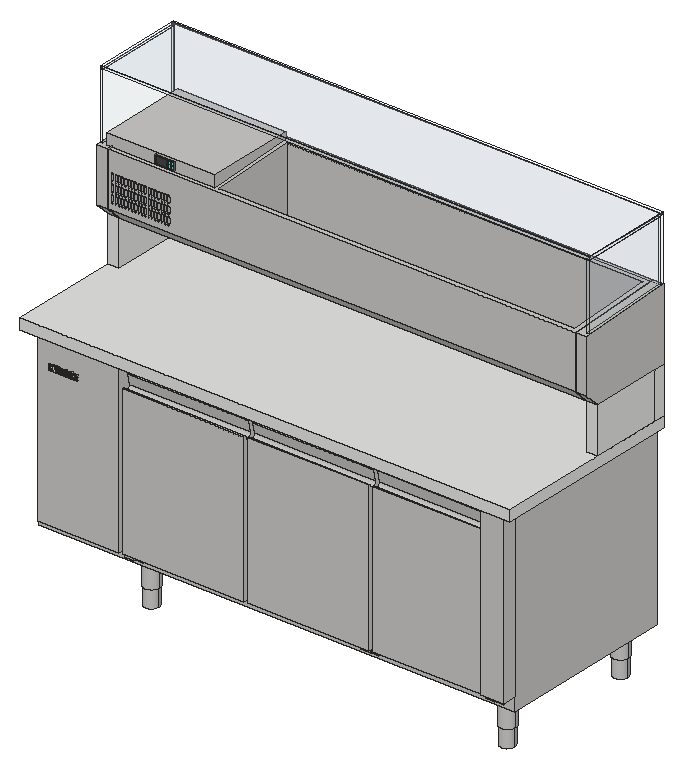
Revit family "QF_ELECTROLUXPROFESSIONAL_725190_RCSH3D", category Specialty Equipment, Revit 2023 (continued)
Definition of nested family "ELX_REF_PZ"
  Lines and regions (mm)
    Split face 30
      outline origin (330, -176, 50) x (1, 0, 0) y (0, 1, 0)
        loop
          arc (-328.464, 215.824) -> (-332.464, 211.824) -> (-328.464, 207.824) r 4
          line (-328.464, 207.824) -> (-286.464, 207.824)
          arc (-286.464, 207.824) -> (-282.464, 211.824) -> (-286.464, 215.824) r 4
          line (-286.464, 215.824) -> (-328.464, 215.824)
    Split face 31
      outline origin (110, -176, 50) x (1, 0, 0) y (0, 1, 0)
        loop
          arc (-218.464, 215.824) -> (-222.464, 211.824) -> (-218.464, 207.824) r 4
          line (-218.464, 207.824) -> (-176.464, 207.824)
          arc (-176.464, 207.824) -> (-172.464, 211.824) -> (-176.464, 215.824) r 4
          line (-176.464, 215.824) -> (-218.464, 215.824)
    Split face 32
      outline origin (220, -176, 50) x (1, 0, 0) y (0, 1, 0)
        loop
          arc (-273.464, 215.824) -> (-277.464, 211.824) -> (-273.464, 207.824) r 4
          line (-273.464, 207.824) -> (-231.464, 207.824)
          arc (-231.464, 207.824) -> (-227.464, 211.824) -> (-231.464, 215.824) r 4
          line (-231.464, 215.824) -> (-273.464, 215.824)
    Split face 33
      outline origin (0, -200, 50) x (1, 0, 0) y (0, 1, 0)
        loop
          arc (-163.464, 227.824) -> (-167.464, 223.824) -> (-163.464, 219.824) r 4
          line (-163.464, 219.824) -> (-121.464, 219.824)
          arc (-121.464, 219.824) -> (-117.464, 223.824) -> (-121.464, 227.824) r 4
          line (-121.464, 227.824) -> (-163.464, 227.824)
    Split face 34
      outline origin (330, -200, 50) x (1, 0, 0) y (0, 1, 0)
        loop
          arc (-328.464, 227.824) -> (-332.464, 223.824) -> (-328.464, 219.824) r 4
          line (-328.464, 219.824) -> (-286.464, 219.824)
          arc (-286.464, 219.824) -> (-282.464, 223.824) -> (-286.464, 227.824) r 4
          line (-286.464, 227.824) -> (-328.464, 227.824)
    Split face 35
      outline origin (110, -200, 50) x (1, 0, 0) y (0, 1, 0)
        loop
          arc (-218.464, 227.824) -> (-222.464, 223.824) -> (-218.464, 219.824) r 4
          line (-218.464, 219.824) -> (-176.464, 219.824)
          arc (-176.464, 219.824) -> (-172.464, 223.824) -> (-176.464, 227.824) r 4
          line (-176.464, 227.824) -> (-218.464, 227.824)
    Split face 36
      outline origin (220, -200, 50) x (1, 0, 0) y (0, 1, 0)
        loop
          arc (-273.464, 227.824) -> (-277.464, 223.824) -> (-273.464, 219.824) r 4
          line (-273.464, 219.824) -> (-231.464, 219.824)
          arc (-231.464, 219.824) -> (-227.464, 223.824) -> (-231.464, 227.824) r 4
          line (-231.464, 227.824) -> (-273.464, 227.824)
    Split face 37
      outline origin (0, -224, 50) x (1, 0, 0) y (0, 1, 0)
        loop
          arc (-163.464, 239.824) -> (-167.464, 235.824) -> (-163.464, 231.824) r 4
          line (-163.464, 231.824) -> (-121.464, 231.824)
          arc (-121.464, 231.824) -> (-117.464, 235.824) -> (-121.464, 239.824) r 4
          line (-121.464, 239.824) -> (-163.464, 239.824)
    Split face 38
      outline origin (330, -224, 50) x (1, 0, 0) y (0, 1, 0)
        loop
          arc (-328.464, 239.824) -> (-332.464, 235.824) -> (-328.464, 231.824) r 4
          line (-328.464, 231.824) -> (-286.464, 231.824)
          arc (-286.464, 231.824) -> (-282.464, 235.824) -> (-286.464, 239.824) r 4
          line (-286.464, 239.824) -> (-328.464, 239.824)
    Split face 39
      outline origin (110, -224, 50) x (1, 0, 0) y (0, 1, 0)
        loop
          arc (-218.464, 239.824) -> (-222.464, 235.824) -> (-218.464, 231.824) r 4
          line (-218.464, 231.824) -> (-176.464, 231.824)
          arc (-176.464, 231.824) -> (-172.464, 235.824) -> (-176.464, 239.824) r 4
          line (-176.464, 239.824) -> (-218.464, 239.824)
    Split face 40
      outline origin (220, -224, 50) x (1, 0, 0) y (0, 1, 0)
        loop
          arc (-273.464, 239.824) -> (-277.464, 235.824) -> (-273.464, 231.824) r 4
          line (-273.464, 231.824) -> (-231.464, 231.824)
          arc (-231.464, 231.824) -> (-227.464, 235.824) -> (-231.464, 239.824) r 4
          line (-231.464, 239.824) -> (-273.464, 239.824)
    Split face 41
      outline origin (0, -248, 50) x (1, 0, 0) y (0, 1, 0)
        loop
          arc (-163.464, 251.824) -> (-167.464, 247.824) -> (-163.464, 243.824) r 4
          line (-163.464, 243.824) -> (-121.464, 243.824)
          arc (-121.464, 243.824) -> (-117.464, 247.824) -> (-121.464, 251.824) r 4
          line (-121.464, 251.824) -> (-163.464, 251.824)
    Split face 42
      outline origin (330, -248, 50) x (1, 0, 0) y (0, 1, 0)
        loop
          arc (-328.464, 251.824) -> (-332.464, 247.824) -> (-328.464, 243.824) r 4
          line (-328.464, 243.824) -> (-286.464, 243.824)
          arc (-286.464, 243.824) -> (-282.464, 247.824) -> (-286.464, 251.824) r 4
          line (-286.464, 251.824) -> (-328.464, 251.824)
    Split face 43
      outline origin (110, -248, 50) x (1, 0, 0) y (0, 1, 0)
        loop
          arc (-218.464, 251.824) -> (-222.464, 247.824) -> (-218.464, 243.824) r 4
          line (-218.464, 243.824) -> (-176.464, 243.824)
          arc (-176.464, 243.824) -> (-172.464, 247.824) -> (-176.464, 251.824) r 4
          line (-176.464, 251.824) -> (-218.464, 251.824)
    Split face 44
      outline origin (220, -248, 50) x (1, 0, 0) y (0, 1, 0)
        loop
          arc (-273.464, 251.824) -> (-277.464, 247.824) -> (-273.464, 243.824) r 4
          line (-273.464, 243.824) -> (-231.464, 243.824)
          arc (-231.464, 243.824) -> (-227.464, 247.824) -> (-231.464, 251.824) r 4
          line (-231.464, 251.824) -> (-273.464, 251.824)
    Split face 45
      outline origin (0, -272, 50) x (1, 0, 0) y (0, 1, 0)
        loop
          arc (-163.464, 263.824) -> (-167.464, 259.824) -> (-163.464, 255.824) r 4
          line (-163.464, 255.824) -> (-121.464, 255.824)
          arc (-121.464, 255.824) -> (-117.464, 259.824) -> (-121.464, 263.824) r 4
          line (-121.464, 263.824) -> (-163.464, 263.824)
    Split face 46
      outline origin (330, -272, 50) x (1, 0, 0) y (0, 1, 0)
        loop
          arc (-328.464, 263.824) -> (-332.464, 259.824) -> (-328.464, 255.824) r 4
          line (-328.464, 255.824) -> (-286.464, 255.824)
          arc (-286.464, 255.824) -> (-282.464, 259.824) -> (-286.464, 263.824) r 4
          line (-286.464, 263.824) -> (-328.464, 263.824)
    Split face 47
      outline origin (110, -272, 50) x (1, 0, 0) y (0, 1, 0)
        loop
          arc (-218.464, 263.824) -> (-222.464, 259.824) -> (-218.464, 255.824) r 4
          line (-218.464, 255.824) -> (-176.464, 255.824)
          arc (-176.464, 255.824) -> (-172.464, 259.824) -> (-176.464, 263.824) r 4
          line (-176.464, 263.824) -> (-218.464, 263.824)
    Split face 48
      outline origin (220, -272, 50) x (1, 0, 0) y (0, 1, 0)
        loop
          arc (-273.464, 263.824) -> (-277.464, 259.824) -> (-273.464, 255.824) r 4
          line (-273.464, 255.824) -> (-231.464, 255.824)
          arc (-231.464, 255.824) -> (-227.464, 259.824) -> (-231.464, 263.824) r 4
          line (-231.464, 263.824) -> (-273.464, 263.824)
    Split face 49
      outline origin (0, -296, 50) x (1, 0, 0) y (0, 1, 0)
        loop
          arc (-163.464, 275.824) -> (-167.464, 271.824) -> (-163.464, 267.824) r 4
          line (-163.464, 267.824) -> (-121.464, 267.824)
          arc (-121.464, 267.824) -> (-117.464, 271.824) -> (-121.464, 275.824) r 4
          line (-121.464, 275.824) -> (-163.464, 275.824)
    Split face 50
      outline origin (330, -296, 50) x (1, 0, 0) y (0, 1, 0)
        loop
          arc (-328.464, 275.824) -> (-332.464, 271.824) -> (-328.464, 267.824) r 4
          line (-328.464, 267.824) -> (-286.464, 267.824)
          arc (-286.464, 267.824) -> (-282.464, 271.824) -> (-286.464, 275.824) r 4
          line (-286.464, 275.824) -> (-328.464, 275.824)
    Split face 51
      outline origin (110, -296, 50) x (1, 0, 0) y (0, 1, 0)
        loop
          arc (-218.464, 275.824) -> (-222.464, 271.824) -> (-218.464, 267.824) r 4
          line (-218.464, 267.824) -> (-176.464, 267.824)
          arc (-176.464, 267.824) -> (-172.464, 271.824) -> (-176.464, 275.824) r 4
          line (-176.464, 275.824) -> (-218.464, 275.824)
    Split face 52
      outline origin (220, -296, 50) x (1, 0, 0) y (0, 1, 0)
        loop
          arc (-273.464, 275.824) -> (-277.464, 271.824) -> (-273.464, 267.824) r 4
          line (-273.464, 267.824) -> (-231.464, 267.824)
          arc (-231.464, 267.824) -> (-227.464, 271.824) -> (-231.464, 275.824) r 4
          line (-231.464, 275.824) -> (-273.464, 275.824)
    Split face 53
      outline origin (0, -663.3, 50) x (1, 0, 0) y (0, 1, 0)
        loop
          arc (-163.464, 513.474) -> (-167.464, 509.474) -> (-163.464, 505.474) r 4
          line (-163.464, 505.474) -> (-121.464, 505.474)
          arc (-121.464, 505.474) -> (-117.464, 509.474) -> (-121.464, 513.474) r 4
          line (-121.464, 513.474) -> (-163.464, 513.474)
    Split face 54
      outline origin (330, -663.3, 50) x (1, 0, 0) y (0, 1, 0)
        loop
          arc (-328.464, 513.474) -> (-332.464, 509.474) -> (-328.464, 505.474) r 4
          line (-328.464, 505.474) -> (-286.464, 505.474)
          arc (-286.464, 505.474) -> (-282.464, 509.474) -> (-286.464, 513.474) r 4
          line (-286.464, 513.474) -> (-328.464, 513.474)
    Split face 55
      outline origin (110, -663.3, 50) x (1, 0, 0) y (0, 1, 0)
        loop
          arc (-218.464, 513.474) -> (-222.464, 509.474) -> (-218.464, 505.474) r 4
          line (-218.464, 505.474) -> (-176.464, 505.474)
          arc (-176.464, 505.474) -> (-172.464, 509.474) -> (-176.464, 513.474) r 4
          line (-176.464, 513.474) -> (-218.464, 513.474)
    Split face 56
      outline origin (220, -663.3, 50) x (1, 0, 0) y (0, 1, 0)
        loop
          arc (-273.464, 513.474) -> (-277.464, 509.474) -> (-273.464, 505.474) r 4
          line (-273.464, 505.474) -> (-231.464, 505.474)
          arc (-231.464, 505.474) -> (-227.464, 509.474) -> (-231.464, 513.474) r 4
          line (-231.464, 513.474) -> (-273.464, 513.474)
    Split face 57
      outline origin (0, -687.3, 50) x (1, 0, 0) y (0, 1, 0)
        loop
          arc (-163.464, 525.474) -> (-167.464, 521.474) -> (-163.464, 517.474) r 4
          line (-163.464, 517.474) -> (-121.464, 517.474)
          arc (-121.464, 517.474) -> (-117.464, 521.474) -> (-121.464, 525.474) r 4
          line (-121.464, 525.474) -> (-163.464, 525.474)
    Split face 58
      outline origin (330, -687.3, 50) x (1, 0, 0) y (0, 1, 0)
        loop
          arc (-328.464, 525.474) -> (-332.464, 521.474) -> (-328.464, 517.474) r 4
          line (-328.464, 517.474) -> (-286.464, 517.474)
          arc (-286.464, 517.474) -> (-282.464, 521.474) -> (-286.464, 525.474) r 4
          line (-286.464, 525.474) -> (-328.464, 525.474)
    Split face 59
      outline origin (110, -687.3, 50) x (1, 0, 0) y (0, 1, 0)
        loop
          arc (-218.464, 525.474) -> (-222.464, 521.474) -> (-218.464, 517.474) r 4
          line (-218.464, 517.474) -> (-176.464, 517.474)
          arc (-176.464, 517.474) -> (-172.464, 521.474) -> (-176.464, 525.474) r 4
          line (-176.464, 525.474) -> (-218.464, 525.474)
    Split face 60
      outline origin (220, -687.3, 50) x (1, 0, 0) y (0, 1, 0)
        loop
          arc (-273.464, 525.474) -> (-277.464, 521.474) -> (-273.464, 517.474) r 4
          line (-273.464, 517.474) -> (-231.464, 517.474)
          arc (-231.464, 517.474) -> (-227.464, 521.474) -> (-231.464, 525.474) r 4
          line (-231.464, 525.474) -> (-273.464, 525.474)
    Split face 61
      outline origin (0, -711.3, 50) x (1, 0, 0) y (0, 1, 0)
        loop
          arc (-163.464, 537.474) -> (-167.464, 533.474) -> (-163.464, 529.474) r 4
          line (-163.464, 529.474) -> (-121.464, 529.474)
          arc (-121.464, 529.474) -> (-117.464, 533.474) -> (-121.464, 537.474) r 4
          line (-121.464, 537.474) -> (-163.464, 537.474)
    Split face 62
      outline origin (330, -711.3, 50) x (1, 0, 0) y (0, 1, 0)
        loop
          arc (-328.464, 537.474) -> (-332.464, 533.474) -> (-328.464, 529.474) r 4
          line (-328.464, 529.474) -> (-286.464, 529.474)
          arc (-286.464, 529.474) -> (-282.464, 533.474) -> (-286.464, 537.474) r 4
          line (-286.464, 537.474) -> (-328.464, 537.474)
    Split face 63
      outline origin (110, -711.3, 50) x (1, 0, 0) y (0, 1, 0)
        loop
          arc (-218.464, 537.474) -> (-222.464, 533.474) -> (-218.464, 529.474) r 4
          line (-218.464, 529.474) -> (-176.464, 529.474)
          arc (-176.464, 529.474) -> (-172.464, 533.474) -> (-176.464, 537.474) r 4
          line (-176.464, 537.474) -> (-218.464, 537.474)
    Split face 64
      outline origin (220, -711.3, 50) x (1, 0, 0) y (0, 1, 0)
        loop
          arc (-273.464, 537.474) -> (-277.464, 533.474) -> (-273.464, 529.474) r 4
          line (-273.464, 529.474) -> (-231.464, 529.474)
          arc (-231.464, 529.474) -> (-227.464, 533.474) -> (-231.464, 537.474) r 4
          line (-231.464, 537.474) -> (-273.464, 537.474)
    Split face 65
      outline origin (0, -735.3, 50) x (1, 0, 0) y (0, 1, 0)
        loop
          arc (-163.464, 549.474) -> (-167.464, 545.474) -> (-163.464, 541.474) r 4
          line (-163.464, 541.474) -> (-121.464, 541.474)
          arc (-121.464, 541.474) -> (-117.464, 545.474) -> (-121.464, 549.474) r 4
          line (-121.464, 549.474) -> (-163.464, 549.474)
    Split face 66
      outline origin (330, -735.3, 50) x (1, 0, 0) y (0, 1, 0)
        loop
          arc (-328.464, 549.474) -> (-332.464, 545.474) -> (-328.464, 541.474) r 4
          line (-328.464, 541.474) -> (-286.464, 541.474)
          arc (-286.464, 541.474) -> (-282.464, 545.474) -> (-286.464, 549.474) r 4
          line (-286.464, 549.474) -> (-328.464, 549.474)
    Split face 67
      outline origin (110, -735.3, 50) x (1, 0, 0) y (0, 1, 0)
        loop
          arc (-218.464, 549.474) -> (-222.464, 545.474) -> (-218.464, 541.474) r 4
          line (-218.464, 541.474) -> (-176.464, 541.474)
          arc (-176.464, 541.474) -> (-172.464, 545.474) -> (-176.464, 549.474) r 4
          line (-176.464, 549.474) -> (-218.464, 549.474)
    Split face 68
      outline origin (220, -735.3, 50) x (1, 0, 0) y (0, 1, 0)
        loop
          arc (-273.464, 549.474) -> (-277.464, 545.474) -> (-273.464, 541.474) r 4
          line (-273.464, 541.474) -> (-231.464, 541.474)
          arc (-231.464, 541.474) -> (-227.464, 545.474) -> (-231.464, 549.474) r 4
          line (-231.464, 549.474) -> (-273.464, 549.474)
    Split face 69
      outline origin (0, -759.3, 50) x (1, 0, 0) y (0, 1, 0)
        loop
          arc (-163.464, 561.474) -> (-167.464, 557.474) -> (-163.464, 553.474) r 4
          line (-163.464, 553.474) -> (-121.464, 553.474)
          arc (-121.464, 553.474) -> (-117.464, 557.474) -> (-121.464, 561.474) r 4
          line (-121.464, 561.474) -> (-163.464, 561.474)
    Split face 70
      outline origin (330, -759.3, 50) x (1, 0, 0) y (0, 1, 0)
        loop
          arc (-328.464, 561.474) -> (-332.464, 557.474) -> (-328.464, 553.474) r 4
          line (-328.464, 553.474) -> (-286.464, 553.474)
          arc (-286.464, 553.474) -> (-282.464, 557.474) -> (-286.464, 561.474) r 4
          line (-286.464, 561.474) -> (-328.464, 561.474)
    Split face 71
      outline origin (110, -759.3, 50) x (1, 0, 0) y (0, 1, 0)
        loop
          arc (-218.464, 561.474) -> (-222.464, 557.474) -> (-218.464, 553.474) r 4
          line (-218.464, 553.474) -> (-176.464, 553.474)
          arc (-176.464, 553.474) -> (-172.464, 557.474) -> (-176.464, 561.474) r 4
          line (-176.464, 561.474) -> (-218.464, 561.474)
    Split face 72
      outline origin (220, -759.3, 50) x (1, 0, 0) y (0, 1, 0)
        loop
          arc (-273.464, 561.474) -> (-277.464, 557.474) -> (-273.464, 553.474) r 4
          line (-273.464, 553.474) -> (-231.464, 553.474)
          arc (-231.464, 553.474) -> (-227.464, 557.474) -> (-231.464, 561.474) r 4
          line (-231.464, 561.474) -> (-273.464, 561.474)
    Split face 73
      outline origin (0, -783.3, 50) x (1, 0, 0) y (0, 1, 0)
        loop
          arc (-163.464, 573.474) -> (-167.464, 569.474) -> (-163.464, 565.474) r 4
          line (-163.464, 565.474) -> (-121.464, 565.474)
          arc (-121.464, 565.474) -> (-117.464, 569.474) -> (-121.464, 573.474) r 4
          line (-121.464, 573.474) -> (-163.464, 573.474)
    Split face 74
      outline origin (330, -783.3, 50) x (1, 0, 0) y (0, 1, 0)
        loop
          arc (-328.464, 573.474) -> (-332.464, 569.474) -> (-328.464, 565.474) r 4
          line (-328.464, 565.474) -> (-286.464, 565.474)
          arc (-286.464, 565.474) -> (-282.464, 569.474) -> (-286.464, 573.474) r 4
          line (-286.464, 573.474) -> (-328.464, 573.474)
    Split face 75
      outline origin (110, -783.3, 50) x (1, 0, 0) y (0, 1, 0)
        loop
          arc (-218.464, 573.474) -> (-222.464, 569.474) -> (-218.464, 565.474) r 4
          line (-218.464, 565.474) -> (-176.464, 565.474)
          arc (-176.464, 565.474) -> (-172.464, 569.474) -> (-176.464, 573.474) r 4
          line (-176.464, 573.474) -> (-218.464, 573.474)
    Split face 76
      outline origin (220, -783.3, 50) x (1, 0, 0) y (0, 1, 0)
        loop
          arc (-273.464, 573.474) -> (-277.464, 569.474) -> (-273.464, 565.474) r 4
          line (-273.464, 565.474) -> (-231.464, 565.474)
          arc (-231.464, 565.474) -> (-227.464, 569.474) -> (-231.464, 573.474) r 4
          line (-231.464, 573.474) -> (-273.464, 573.474)
    Split face 77
      outline origin (0, -807.3, 50) x (1, 0, 0) y (0, 1, 0)
        loop
          arc (-163.464, 585.474) -> (-167.464, 581.474) -> (-163.464, 577.474) r 4
          line (-163.464, 577.474) -> (-121.464, 577.474)
          arc (-121.464, 577.474) -> (-117.464, 581.474) -> (-121.464, 585.474) r 4
          line (-121.464, 585.474) -> (-163.464, 585.474)
    Split face 78
      outline origin (330, -807.3, 50) x (1, 0, 0) y (0, 1, 0)
        loop
          arc (-328.464, 585.474) -> (-332.464, 581.474) -> (-328.464, 577.474) r 4
          line (-328.464, 577.474) -> (-286.464, 577.474)
          arc (-286.464, 577.474) -> (-282.464, 581.474) -> (-286.464, 585.474) r 4
          line (-286.464, 585.474) -> (-328.464, 585.474)
    Split face 79
      outline origin (110, -807.3, 50) x (1, 0, 0) y (0, 1, 0)
        loop
          arc (-218.464, 585.474) -> (-222.464, 581.474) -> (-218.464, 577.474) r 4
          line (-218.464, 577.474) -> (-176.464, 577.474)
          arc (-176.464, 577.474) -> (-172.464, 581.474) -> (-176.464, 585.474) r 4
          line (-176.464, 585.474) -> (-218.464, 585.474)
    Split face 80
      outline origin (220, -807.3, 50) x (1, 0, 0) y (0, 1, 0)
        loop
          arc (-273.464, 585.474) -> (-277.464, 581.474) -> (-273.464, 577.474) r 4
          line (-273.464, 577.474) -> (-231.464, 577.474)
          arc (-231.464, 577.474) -> (-227.464, 581.474) -> (-231.464, 585.474) r 4
          line (-231.464, 585.474) -> (-273.464, 585.474)
    Split face 81
      outline origin (0, -831.3, 50) x (1, 0, 0) y (0, 1, 0)
        loop
          arc (-163.464, 597.474) -> (-167.464, 593.474) -> (-163.464, 589.474) r 4
          line (-163.464, 589.474) -> (-121.464, 589.474)
          arc (-121.464, 589.474) -> (-117.464, 593.474) -> (-121.464, 597.474) r 4
          line (-121.464, 597.474) -> (-163.464, 597.474)
    Split face 82
      outline origin (330, -831.3, 50) x (1, 0, 0) y (0, 1, 0)
        loop
          arc (-328.464, 597.474) -> (-332.464, 593.474) -> (-328.464, 589.474) r 4
          line (-328.464, 589.474) -> (-286.464, 589.474)
          arc (-286.464, 589.474) -> (-282.464, 593.474) -> (-286.464, 597.474) r 4
          line (-286.464, 597.474) -> (-328.464, 597.474)
    Split face 83
      outline origin (110, -831.3, 50) x (1, 0, 0) y (0, 1, 0)
        loop
          arc (-218.464, 597.474) -> (-222.464, 593.474) -> (-218.464, 589.474) r 4
          line (-218.464, 589.474) -> (-176.464, 589.474)
          arc (-176.464, 589.474) -> (-172.464, 593.474) -> (-176.464, 597.474) r 4
          line (-176.464, 597.474) -> (-218.464, 597.474)
    Split face 84
      outline origin (220, -831.3, 50) x (1, 0, 0) y (0, 1, 0)
        loop
          arc (-273.464, 597.474) -> (-277.464, 593.474) -> (-273.464, 589.474) r 4
          line (-273.464, 589.474) -> (-231.464, 589.474)
          arc (-231.464, 589.474) -> (-227.464, 593.474) -> (-231.464, 597.474) r 4
          line (-231.464, 597.474) -> (-273.464, 597.474)
    Split face 85
      outline origin (0, -855.3, 50) x (1, 0, 0) y (0, 1, 0)
        loop
          arc (-163.464, 609.474) -> (-167.464, 605.474) -> (-163.464, 601.474) r 4
          line (-163.464, 601.474) -> (-121.464, 601.474)
          arc (-121.464, 601.474) -> (-117.464, 605.474) -> (-121.464, 609.474) r 4
          line (-121.464, 609.474) -> (-163.464, 609.474)
    Split face 86
      outline origin (330, -855.3, 50) x (1, 0, 0) y (0, 1, 0)
        loop
          arc (-328.464, 609.474) -> (-332.464, 605.474) -> (-328.464, 601.474) r 4
          line (-328.464, 601.474) -> (-286.464, 601.474)
          arc (-286.464, 601.474) -> (-282.464, 605.474) -> (-286.464, 609.474) r 4
          line (-286.464, 609.474) -> (-328.464, 609.474)
    Split face 87
      outline origin (110, -855.3, 50) x (1, 0, 0) y (0, 1, 0)
        loop
          arc (-218.464, 609.474) -> (-222.464, 605.474) -> (-218.464, 601.474) r 4
          line (-218.464, 601.474) -> (-176.464, 601.474)
          arc (-176.464, 601.474) -> (-172.464, 605.474) -> (-176.464, 609.474) r 4
          line (-176.464, 609.474) -> (-218.464, 609.474)
    Split face 88
      outline origin (220, -855.3, 50) x (1, 0, 0) y (0, 1, 0)
        loop
          arc (-273.464, 609.474) -> (-277.464, 605.474) -> (-273.464, 601.474) r 4
          line (-273.464, 601.474) -> (-231.464, 601.474)
          arc (-231.464, 601.474) -> (-227.464, 605.474) -> (-231.464, 609.474) r 4
          line (-231.464, 609.474) -> (-273.464, 609.474)
    Split face 89
      outline origin (0, -879.3, 50) x (1, 0, 0) y (0, 1, 0)
        loop
          arc (-163.464, 621.474) -> (-167.464, 617.474) -> (-163.464, 613.474) r 4
          line (-163.464, 613.474) -> (-121.464, 613.474)
          arc (-121.464, 613.474) -> (-117.464, 617.474) -> (-121.464, 621.474) r 4
          line (-121.464, 621.474) -> (-163.464, 621.474)
    Split face 90
      outline origin (330, -879.3, 50) x (1, 0, 0) y (0, 1, 0)
        loop
          arc (-328.464, 621.474) -> (-332.464, 617.474) -> (-328.464, 613.474) r 4
          line (-328.464, 613.474) -> (-286.464, 613.474)
          arc (-286.464, 613.474) -> (-282.464, 617.474) -> (-286.464, 621.474) r 4
          line (-286.464, 621.474) -> (-328.464, 621.474)
    Split face 91
      outline origin (110, -879.3, 50) x (1, 0, 0) y (0, 1, 0)
        loop
          arc (-218.464, 621.474) -> (-222.464, 617.474) -> (-218.464, 613.474) r 4
          line (-218.464, 613.474) -> (-176.464, 613.474)
          arc (-176.464, 613.474) -> (-172.464, 617.474) -> (-176.464, 621.474) r 4
          line (-176.464, 621.474) -> (-218.464, 621.474)
    Split face 92
      outline origin (220, -879.3, 50) x (1, 0, 0) y (0, 1, 0)
        loop
          arc (-273.464, 621.474) -> (-277.464, 617.474) -> (-273.464, 613.474) r 4
          line (-273.464, 613.474) -> (-231.464, 613.474)
          arc (-231.464, 613.474) -> (-227.464, 617.474) -> (-231.464, 621.474) r 4
          line (-231.464, 621.474) -> (-273.464, 621.474)
    Split face 93
      outline origin (0, -903.3, 50) x (1, 0, 0) y (0, 1, 0)
        loop
          arc (-163.464, 633.474) -> (-167.464, 629.474) -> (-163.464, 625.474) r 4
          line (-163.464, 625.474) -> (-121.464, 625.474)
          arc (-121.464, 625.474) -> (-117.464, 629.474) -> (-121.464, 633.474) r 4
          line (-121.464, 633.474) -> (-163.464, 633.474)
    Split face 94
      outline origin (330, -903.3, 50) x (1, 0, 0) y (0, 1, 0)
        loop
          arc (-328.464, 633.474) -> (-332.464, 629.474) -> (-328.464, 625.474) r 4
          line (-328.464, 625.474) -> (-286.464, 625.474)
          arc (-286.464, 625.474) -> (-282.464, 629.474) -> (-286.464, 633.474) r 4
          line (-286.464, 633.474) -> (-328.464, 633.474)
    Split face 95
      outline origin (110, -903.3, 50) x (1, 0, 0) y (0, 1, 0)
        loop
          arc (-218.464, 633.474) -> (-222.464, 629.474) -> (-218.464, 625.474) r 4
          line (-218.464, 625.474) -> (-176.464, 625.474)
          arc (-176.464, 625.474) -> (-172.464, 629.474) -> (-176.464, 633.474) r 4
          line (-176.464, 633.474) -> (-218.464, 633.474)
    Split face 96
      outline origin (220, -903.3, 50) x (1, 0, 0) y (0, 1, 0)
        loop
          arc (-273.464, 633.474) -> (-277.464, 629.474) -> (-273.464, 625.474) r 4
          line (-273.464, 625.474) -> (-231.464, 625.474)
          arc (-231.464, 625.474) -> (-227.464, 629.474) -> (-231.464, 633.474) r 4
          line (-231.464, 633.474) -> (-273.464, 633.474)
    Split face 97
      outline origin (0, -927.3, 50) x (1, 0, 0) y (0, 1, 0)
        loop
          arc (-163.464, 645.474) -> (-167.464, 641.474) -> (-163.464, 637.474) r 4
          line (-163.464, 637.474) -> (-121.464, 637.474)
          arc (-121.464, 637.474) -> (-117.464, 641.474) -> (-121.464, 645.474) r 4
          line (-121.464, 645.474) -> (-163.464, 645.474)
    Split face 98
      outline origin (330, -927.3, 50) x (1, 0, 0) y (0, 1, 0)
        loop
          arc (-328.464, 645.474) -> (-332.464, 641.474) -> (-328.464, 637.474) r 4
          line (-328.464, 637.474) -> (-286.464, 637.474)
          arc (-286.464, 637.474) -> (-282.464, 641.474) -> (-286.464, 645.474) r 4
          line (-286.464, 645.474) -> (-328.464, 645.474)
    Split face 99
      outline origin (110, -927.3, 50) x (1, 0, 0) y (0, 1, 0)
        loop
          arc (-218.464, 645.474) -> (-222.464, 641.474) -> (-218.464, 637.474) r 4
          line (-218.464, 637.474) -> (-176.464, 637.474)
          arc (-176.464, 637.474) -> (-172.464, 641.474) -> (-176.464, 645.474) r 4
          line (-176.464, 645.474) -> (-218.464, 645.474)
    Split face 100
      outline origin (220, -927.3, 50) x (1, 0, 0) y (0, 1, 0)
        loop
          arc (-273.464, 645.474) -> (-277.464, 641.474) -> (-273.464, 637.474) r 4
          line (-273.464, 637.474) -> (-231.464, 637.474)
          arc (-231.464, 637.474) -> (-227.464, 641.474) -> (-231.464, 645.474) r 4
          line (-231.464, 645.474) -> (-273.464, 645.474)
    Split face 101
      outline origin (0, -951.3, 50) x (1, 0, 0) y (0, 1, 0)
        loop
          arc (-163.464, 657.474) -> (-167.464, 653.474) -> (-163.464, 649.474) r 4
          line (-163.464, 649.474) -> (-121.464, 649.474)
          arc (-121.464, 649.474) -> (-117.464, 653.474) -> (-121.464, 657.474) r 4
          line (-121.464, 657.474) -> (-163.464, 657.474)
    Split face 102
      outline origin (330, -951.3, 50) x (1, 0, 0) y (0, 1, 0)
        loop
          arc (-328.464, 657.474) -> (-332.464, 653.474) -> (-328.464, 649.474) r 4
          line (-328.464, 649.474) -> (-286.464, 649.474)
          arc (-286.464, 649.474) -> (-282.464, 653.474) -> (-286.464, 657.474) r 4
          line (-286.464, 657.474) -> (-328.464, 657.474)
    Split face 103
      outline origin (110, -951.3, 50) x (1, 0, 0) y (0, 1, 0)
        loop
          arc (-218.464, 657.474) -> (-222.464, 653.474) -> (-218.464, 649.474) r 4
          line (-218.464, 649.474) -> (-176.464, 649.474)
          arc (-176.464, 649.474) -> (-172.464, 653.474) -> (-176.464, 657.474) r 4
          line (-176.464, 657.474) -> (-218.464, 657.474)
    Split face 104
      outline origin (220, -951.3, 50) x (1, 0, 0) y (0, 1, 0)
        loop
          arc (-273.464, 657.474) -> (-277.464, 653.474) -> (-273.464, 649.474) r 4
          line (-273.464, 649.474) -> (-231.464, 649.474)
          arc (-231.464, 649.474) -> (-227.464, 653.474) -> (-231.464, 657.474) r 4
          line (-231.464, 657.474) -> (-273.464, 657.474)
    Split face 105
      outline origin (0, -975.3, 50) x (1, 0, 0) y (0, 1, 0)
        loop
          arc (-163.464, 669.474) -> (-167.464, 665.474) -> (-163.464, 661.474) r 4
          line (-163.464, 661.474) -> (-121.464, 661.474)
          arc (-121.464, 661.474) -> (-117.464, 665.474) -> (-121.464, 669.474) r 4
          line (-121.464, 669.474) -> (-163.464, 669.474)
    Split face 106
      outline origin (330, -975.3, 50) x (1, 0, 0) y (0, 1, 0)
        loop
          arc (-328.464, 669.474) -> (-332.464, 665.474) -> (-328.464, 661.474) r 4
          line (-328.464, 661.474) -> (-286.464, 661.474)
          arc (-286.464, 661.474) -> (-282.464, 665.474) -> (-286.464, 669.474) r 4
          line (-286.464, 669.474) -> (-328.464, 669.474)
    Split face 107
      outline origin (110, -975.3, 50) x (1, 0, 0) y (0, 1, 0)
        loop
          arc (-218.464, 669.474) -> (-222.464, 665.474) -> (-218.464, 661.474) r 4
          line (-218.464, 661.474) -> (-176.464, 661.474)
          arc (-176.464, 661.474) -> (-172.464, 665.474) -> (-176.464, 669.474) r 4
          line (-176.464, 669.474) -> (-218.464, 669.474)
    Split face 108
      outline origin (220, -975.3, 50) x (1, 0, 0) y (0, 1, 0)
        loop
          arc (-273.464, 669.474) -> (-277.464, 665.474) -> (-273.464, 661.474) r 4
          line (-273.464, 661.474) -> (-231.464, 661.474)
          arc (-231.464, 661.474) -> (-227.464, 665.474) -> (-231.464, 669.474) r 4
          line (-231.464, 669.474) -> (-273.464, 669.474)
    Split face 109
      outline origin (0, -999.3, 50) x (1, 0, 0) y (0, 1, 0)
        loop
          arc (-163.464, 681.474) -> (-167.464, 677.474) -> (-163.464, 673.474) r 4
          line (-163.464, 673.474) -> (-121.464, 673.474)
          arc (-121.464, 673.474) -> (-117.464, 677.474) -> (-121.464, 681.474) r 4
          line (-121.464, 681.474) -> (-163.464, 681.474)
    Split face 110
      outline origin (330, -999.3, 50) x (1, 0, 0) y (0, 1, 0)
        loop
          arc (-328.464, 681.474) -> (-332.464, 677.474) -> (-328.464, 673.474) r 4
          line (-328.464, 673.474) -> (-286.464, 673.474)
          arc (-286.464, 673.474) -> (-282.464, 677.474) -> (-286.464, 681.474) r 4
          line (-286.464, 681.474) -> (-328.464, 681.474)
    Split face 111
      outline origin (110, -999.3, 50) x (1, 0, 0) y (0, 1, 0)
        loop
          arc (-218.464, 681.474) -> (-222.464, 677.474) -> (-218.464, 673.474) r 4
          line (-218.464, 673.474) -> (-176.464, 673.474)
          arc (-176.464, 673.474) -> (-172.464, 677.474) -> (-176.464, 681.474) r 4
          line (-176.464, 681.474) -> (-218.464, 681.474)
    Split face 112
      outline origin (220, -999.3, 50) x (1, 0, 0) y (0, 1, 0)
        loop
          arc (-273.464, 681.474) -> (-277.464, 677.474) -> (-273.464, 673.474) r 4
          line (-273.464, 673.474) -> (-231.464, 673.474)
          arc (-231.464, 673.474) -> (-227.464, 677.474) -> (-231.464, 681.474) r 4
          line (-231.464, 681.474) -> (-273.464, 681.474)
    Split face 113
      outline origin (0, -1023.3, 50) x (1, 0, 0) y (0, 1, 0)
        loop
          arc (-163.464, 693.474) -> (-167.464, 689.474) -> (-163.464, 685.474) r 4
          line (-163.464, 685.474) -> (-121.464, 685.474)
          arc (-121.464, 685.474) -> (-117.464, 689.474) -> (-121.464, 693.474) r 4
          line (-121.464, 693.474) -> (-163.464, 693.474)
    Split face 114
      outline origin (330, -1023.3, 50) x (1, 0, 0) y (0, 1, 0)
        loop
          arc (-328.464, 693.474) -> (-332.464, 689.474) -> (-328.464, 685.474) r 4
          line (-328.464, 685.474) -> (-286.464, 685.474)
          arc (-286.464, 685.474) -> (-282.464, 689.474) -> (-286.464, 693.474) r 4
          line (-286.464, 693.474) -> (-328.464, 693.474)
    Split face 115
      outline origin (110, -1023.3, 50) x (1, 0, 0) y (0, 1, 0)
        loop
          arc (-218.464, 693.474) -> (-222.464, 689.474) -> (-218.464, 685.474) r 4
          line (-218.464, 685.474) -> (-176.464, 685.474)
          arc (-176.464, 685.474) -> (-172.464, 689.474) -> (-176.464, 693.474) r 4
          line (-176.464, 693.474) -> (-218.464, 693.474)
    Split face 116
      outline origin (220, -1023.3, 50) x (1, 0, 0) y (0, 1, 0)
        loop
          arc (-273.464, 693.474) -> (-277.464, 689.474) -> (-273.464, 685.474) r 4
          line (-273.464, 685.474) -> (-231.464, 685.474)
          arc (-231.464, 685.474) -> (-227.464, 689.474) -> (-231.464, 693.474) r 4
          line (-231.464, 693.474) -> (-273.464, 693.474)
    Split face 117
      outline origin (0, 0, 50) x (1, 0, 0) y (0, 1, 0)
        loop
          line (-206.92, 142) -> (87.08, 142)
    Split face 118
      outline origin (0, 0, 50) x (1, 0, 0) y (0, 1, 0)
        loop
          line (-206.92, 192) -> (-187.489, 192) -> (-174.489, 187) -> (-94.489, 187) -> (-81.489, 192) -> (87.08, 192)
    Split face 119
      outline origin (0, 0, 50) x (1, 0, 0) y (0, 1, 0)
        loop
          line (-206.92, 197) -> (87.08, 197)
    Split face 120
      outline origin (0, 0, 50) x (1, 0, 0) y (0, 1, 0)
        loop
          line (-28.8, 185.654) -> (-28.8, 156.136) -> (41.2, 156.136) -> (41.2, 185.654) -> (-28.8, 185.654)
    Split face 121
      outline origin (0, 0, 50) x (1, 0, 0) y (0, 1, 0)
        loop
          line (-25.8, 182.654) -> (-25.8, 159.136) -> (15.775, 159.136) -> (15.775, 182.654) -> (-25.8, 182.654)
    Split face 122
      outline origin (0, 0, 50) x (1, 0, 0) y (0, 1, 0)
        loop
          line (19.2, 182.654) -> (19.2, 171.654) -> (27.2, 171.654) -> (27.2, 182.654) -> (19.2, 182.654)
    Split face 123
      outline origin (0, 0, 50) x (1, 0, 0) y (0, 1, 0)
        loop
          line (30.212, 182.654) -> (30.212, 171.654) -> (38.212, 171.654) -> (38.212, 182.654) -> (30.212, 182.654)
    Split face 124
      outline origin (0, 0, 50) x (1, 0, 0) y (0, 1, 0)
        loop
          line (19.2, 170.136) -> (19.2, 159.136) -> (27.2, 159.136) -> (27.2, 170.136) -> (19.2, 170.136)
    Split face 125
      outline origin (0, 0, 50) x (1, 0, 0) y (0, 1, 0)
        loop
          line (30.212, 170.136) -> (30.212, 159.136) -> (38.212, 159.136) -> (38.212, 170.136) -> (30.212, 170.136)
    symbolic lines
      curve 1: line (87.08, -49, 0) -> (87.08, -49, 50)
  Dimensions and locks
    equal spacing: plane 6, plane 1 "Center (Front/Back)", plane 7
    equal spacing: plane 4, plane 3 "Center (Left/Right)", plane 5
    aligned and locked: plane 2 to Extrusion 1
    aligned and locked: level to Extrusion 1
  Automatic sketch dimensions
    curve 1 to plane 5 = 0 mm
    curve 1 to level = 0 mm
    curve 1 to curve 1 = 50 mm
    Extrusion 1 sketch curve to Extrusion 1 sketch curve = 2438.4 mm  (x2)
    Extrusion 2 sketch curve to plane 4 = 0 mm
    Extrusion 2 sketch curve to plane 5 = 0 mm
    Extrusion 2 sketch curve to plane 7 = 0 mm
    Extrusion 2 sketch curve to plane 6 = 0 mm
    Split face 1 sketch curve to Extrusion 2 = 43.456 mm
    Split face 1 sketch curve to Split face 1 sketch curve = 42 mm
    Split face 1 sketch curve to Extrusion 2 = 136.176 mm
    Split face 1 sketch curve to Split face 1 sketch curve = 4 mm
    Split face 2 sketch curve to Extrusion 2 = 85.544 mm
    Split face 2 sketch curve to Split face 2 sketch curve = 42 mm
    Split face 2 sketch curve to Extrusion 2 = 136.176 mm
    Split face 2 sketch curve to Split face 2 sketch curve = 4 mm
    Split face 3 sketch curve to Extrusion 2 = 98.456 mm
    Split face 3 sketch curve to Split face 3 sketch curve = 42 mm
    Split face 3 sketch curve to Extrusion 2 = 136.176 mm
    Split face 3 sketch curve to Split face 3 sketch curve = 4 mm
    Split face 4 sketch curve to Extrusion 2 = 140.544 mm
    Split face 4 sketch curve to Split face 4 sketch curve = 42 mm
    Split face 4 sketch curve to Extrusion 2 = 136.176 mm
    Split face 4 sketch curve to Split face 4 sketch curve = 4 mm
    Split face 5 sketch curve to Extrusion 2 = 43.456 mm
    Split face 5 sketch curve to Split face 5 sketch curve = 42 mm
    Split face 5 sketch curve to Extrusion 2 = 148.176 mm
    Split face 5 sketch curve to Split face 5 sketch curve = 4 mm
    Split face 6 sketch curve to Extrusion 2 = 85.544 mm
    Split face 6 sketch curve to Split face 6 sketch curve = 42 mm
    Split face 6 sketch curve to Extrusion 2 = 148.176 mm
    Split face 6 sketch curve to Split face 6 sketch curve = 4 mm
    Split face 7 sketch curve to Extrusion 2 = 98.456 mm
    Split face 7 sketch curve to Split face 7 sketch curve = 42 mm
    Split face 7 sketch curve to Extrusion 2 = 148.176 mm
    Split face 7 sketch curve to Split face 7 sketch curve = 4 mm
    Split face 8 sketch curve to Extrusion 2 = 140.544 mm
    Split face 8 sketch curve to Split face 8 sketch curve = 42 mm
    Split face 8 sketch curve to Extrusion 2 = 148.176 mm
    Split face 8 sketch curve to Split face 8 sketch curve = 4 mm
    Split face 9 sketch curve to Extrusion 2 = 43.456 mm
    Split face 9 sketch curve to Split face 9 sketch curve = 42 mm
    Split face 9 sketch curve to Extrusion 2 = 160.176 mm
    Split face 9 sketch curve to Split face 9 sketch curve = 4 mm
    Split face 10 sketch curve to Extrusion 2 = 85.544 mm
    Split face 10 sketch curve to Split face 10 sketch curve = 42 mm
    Split face 10 sketch curve to Extrusion 2 = 160.176 mm
    Split face 10 sketch curve to Split face 10 sketch curve = 4 mm
    Split face 11 sketch curve to Extrusion 2 = 98.456 mm
    Split face 11 sketch curve to Split face 11 sketch curve = 42 mm
    Split face 11 sketch curve to Extrusion 2 = 160.176 mm
    Split face 11 sketch curve to Split face 11 sketch curve = 4 mm
    Split face 12 sketch curve to Extrusion 2 = 140.544 mm
    Split face 12 sketch curve to Split face 12 sketch curve = 42 mm
    Split face 12 sketch curve to Extrusion 2 = 160.176 mm
    Split face 12 sketch curve to Split face 12 sketch curve = 4 mm
    Split face 13 sketch curve to Extrusion 2 = 43.456 mm
    Split face 13 sketch curve to Split face 13 sketch curve = 42 mm
    Split face 13 sketch curve to Extrusion 2 = 172.176 mm
    Split face 13 sketch curve to Split face 13 sketch curve = 4 mm
    Split face 14 sketch curve to Extrusion 2 = 85.544 mm
    Split face 14 sketch curve to Split face 14 sketch curve = 42 mm
    Split face 14 sketch curve to Extrusion 2 = 172.176 mm
    Split face 14 sketch curve to Split face 14 sketch curve = 4 mm
    Split face 15 sketch curve to Extrusion 2 = 98.456 mm
    Split face 15 sketch curve to Split face 15 sketch curve = 42 mm
    Split face 15 sketch curve to Extrusion 2 = 172.176 mm
    Split face 15 sketch curve to Split face 15 sketch curve = 4 mm
    Split face 16 sketch curve to Extrusion 2 = 140.544 mm
    Split face 16 sketch curve to Split face 16 sketch curve = 42 mm
    Split face 16 sketch curve to Extrusion 2 = 172.176 mm
    Split face 16 sketch curve to Split face 16 sketch curve = 4 mm
    Split face 17 sketch curve to Extrusion 2 = 43.456 mm
    Split face 17 sketch curve to Split face 17 sketch curve = 42 mm
    Split face 17 sketch curve to Extrusion 2 = 184.176 mm
    Split face 17 sketch curve to Split face 17 sketch curve = 4 mm
    Split face 18 sketch curve to Extrusion 2 = 85.544 mm
    Split face 18 sketch curve to Split face 18 sketch curve = 42 mm
    Split face 18 sketch curve to Extrusion 2 = 184.176 mm
    Split face 18 sketch curve to Split face 18 sketch curve = 4 mm
    Split face 19 sketch curve to Extrusion 2 = 98.456 mm
    Split face 19 sketch curve to Split face 19 sketch curve = 42 mm
    Split face 19 sketch curve to Extrusion 2 = 184.176 mm
    Split face 19 sketch curve to Split face 19 sketch curve = 4 mm
    Split face 20 sketch curve to Extrusion 2 = 140.544 mm
    Split face 20 sketch curve to Split face 20 sketch curve = 42 mm
    Split face 20 sketch curve to Extrusion 2 = 184.176 mm
    Split face 20 sketch curve to Split face 20 sketch curve = 4 mm
    Split face 21 sketch curve to Extrusion 2 = 43.456 mm
    Split face 21 sketch curve to Split face 21 sketch curve = 42 mm
    Split face 21 sketch curve to Extrusion 2 = 196.176 mm
    Split face 21 sketch curve to Split face 21 sketch curve = 4 mm
    Split face 22 sketch curve to Extrusion 2 = 85.544 mm
    Split face 22 sketch curve to Split face 22 sketch curve = 42 mm
    Split face 22 sketch curve to Extrusion 2 = 196.176 mm
    Split face 22 sketch curve to Split face 22 sketch curve = 4 mm
    Split face 23 sketch curve to Extrusion 2 = 98.456 mm
    Split face 23 sketch curve to Split face 23 sketch curve = 42 mm
    Split face 23 sketch curve to Extrusion 2 = 196.176 mm
    Split face 23 sketch curve to Split face 23 sketch curve = 4 mm
    Split face 24 sketch curve to Extrusion 2 = 140.544 mm
    Split face 24 sketch curve to Split face 24 sketch curve = 42 mm
    Split face 24 sketch curve to Extrusion 2 = 196.176 mm
    Split face 24 sketch curve to Split face 24 sketch curve = 4 mm
    Split face 25 sketch curve to Extrusion 2 = 43.456 mm
    Split face 25 sketch curve to Split face 25 sketch curve = 42 mm
    Split face 25 sketch curve to Extrusion 2 = 208.176 mm
    Split face 25 sketch curve to Split face 25 sketch curve = 4 mm
    Split face 26 sketch curve to Extrusion 2 = 85.544 mm
    Split face 26 sketch curve to Split face 26 sketch curve = 42 mm
    Split face 26 sketch curve to Extrusion 2 = 208.176 mm
    Split face 26 sketch curve to Split face 26 sketch curve = 4 mm
    Split face 27 sketch curve to Extrusion 2 = 98.456 mm
    Split face 27 sketch curve to Split face 27 sketch curve = 42 mm
    Split face 27 sketch curve to Extrusion 2 = 208.176 mm
    Split face 27 sketch curve to Split face 27 sketch curve = 4 mm
    Split face 28 sketch curve to Extrusion 2 = 140.544 mm
    Split face 28 sketch curve to Split face 28 sketch curve = 42 mm
    Split face 28 sketch curve to Extrusion 2 = 208.176 mm
    Split face 28 sketch curve to Split face 28 sketch curve = 4 mm
    Split face 29 sketch curve to Extrusion 2 = 43.456 mm
    Split face 29 sketch curve to Split face 29 sketch curve = 42 mm
    Split face 29 sketch curve to Extrusion 2 = 220.176 mm
    Split face 29 sketch curve to Split face 29 sketch curve = 4 mm
    Split face 30 sketch curve to Extrusion 2 = 85.544 mm
    Split face 30 sketch curve to Split face 30 sketch curve = 42 mm
    Split face 30 sketch curve to Extrusion 2 = 220.176 mm
    Split face 30 sketch curve to Split face 30 sketch curve = 4 mm
    Split face 31 sketch curve to Extrusion 2 = 98.456 mm
    Split face 31 sketch curve to Split face 31 sketch curve = 42 mm
    Split face 31 sketch curve to Extrusion 2 = 220.176 mm
    Split face 31 sketch curve to Split face 31 sketch curve = 4 mm
    Split face 32 sketch curve to Extrusion 2 = 140.544 mm
    Split face 32 sketch curve to Split face 32 sketch curve = 42 mm
    Split face 32 sketch curve to Extrusion 2 = 220.176 mm
    Split face 32 sketch curve to Split face 32 sketch curve = 4 mm
    Split face 33 sketch curve to Extrusion 2 = 43.456 mm
    Split face 33 sketch curve to Split face 33 sketch curve = 42 mm
    Split face 33 sketch curve to Extrusion 2 = 232.176 mm
    Split face 33 sketch curve to Split face 33 sketch curve = 4 mm
    Split face 34 sketch curve to Extrusion 2 = 85.544 mm
    Split face 34 sketch curve to Split face 34 sketch curve = 42 mm
    Split face 34 sketch curve to Extrusion 2 = 232.176 mm
    Split face 34 sketch curve to Split face 34 sketch curve = 4 mm
    Split face 35 sketch curve to Extrusion 2 = 98.456 mm
    Split face 35 sketch curve to Split face 35 sketch curve = 42 mm
    Split face 35 sketch curve to Extrusion 2 = 232.176 mm
    Split face 35 sketch curve to Split face 35 sketch curve = 4 mm
    Split face 36 sketch curve to Extrusion 2 = 140.544 mm
    Split face 36 sketch curve to Split face 36 sketch curve = 42 mm
    Split face 36 sketch curve to Extrusion 2 = 232.176 mm
    Split face 36 sketch curve to Split face 36 sketch curve = 4 mm
    Split face 37 sketch curve to Extrusion 2 = 43.456 mm
    Split face 37 sketch curve to Split face 37 sketch curve = 42 mm
    Split face 37 sketch curve to Extrusion 2 = 244.176 mm
    Split face 37 sketch curve to Split face 37 sketch curve = 4 mm
    Split face 38 sketch curve to Extrusion 2 = 85.544 mm
    Split face 38 sketch curve to Split face 38 sketch curve = 42 mm
    Split face 38 sketch curve to Extrusion 2 = 244.176 mm
    Split face 38 sketch curve to Split face 38 sketch curve = 4 mm
    Split face 39 sketch curve to Extrusion 2 = 98.456 mm
    Split face 39 sketch curve to Split face 39 sketch curve = 42 mm
    Split face 39 sketch curve to Extrusion 2 = 244.176 mm
    Split face 39 sketch curve to Split face 39 sketch curve = 4 mm
    Split face 40 sketch curve to Extrusion 2 = 140.544 mm
    Split face 40 sketch curve to Split face 40 sketch curve = 42 mm
    Split face 40 sketch curve to Extrusion 2 = 244.176 mm
    Split face 40 sketch curve to Split face 40 sketch curve = 4 mm
    Split face 41 sketch curve to Extrusion 2 = 43.456 mm
    Split face 41 sketch curve to Split face 41 sketch curve = 42 mm
    Split face 41 sketch curve to Extrusion 2 = 256.176 mm
    Split face 41 sketch curve to Split face 41 sketch curve = 4 mm
    Split face 42 sketch curve to Extrusion 2 = 85.544 mm
    Split face 42 sketch curve to Split face 42 sketch curve = 42 mm
    Split face 42 sketch curve to Extrusion 2 = 256.176 mm
    Split face 42 sketch curve to Split face 42 sketch curve = 4 mm
    Split face 43 sketch curve to Extrusion 2 = 98.456 mm
    Split face 43 sketch curve to Split face 43 sketch curve = 42 mm
    Split face 43 sketch curve to Extrusion 2 = 256.176 mm
    Split face 43 sketch curve to Split face 43 sketch curve = 4 mm
    Split face 44 sketch curve to Extrusion 2 = 140.544 mm
    Split face 44 sketch curve to Split face 44 sketch curve = 42 mm
    Split face 44 sketch curve to Extrusion 2 = 256.176 mm
    Split face 44 sketch curve to Split face 44 sketch curve = 4 mm
    Split face 45 sketch curve to Extrusion 2 = 43.456 mm
    Split face 45 sketch curve to Split face 45 sketch curve = 42 mm
    Split face 45 sketch curve to Extrusion 2 = 268.176 mm
    Split face 45 sketch curve to Split face 45 sketch curve = 4 mm
    Split face 46 sketch curve to Extrusion 2 = 85.544 mm
    Split face 46 sketch curve to Split face 46 sketch curve = 42 mm
    Split face 46 sketch curve to Extrusion 2 = 268.176 mm
    Split face 46 sketch curve to Split face 46 sketch curve = 4 mm
    Split face 47 sketch curve to Extrusion 2 = 98.456 mm
    Split face 47 sketch curve to Split face 47 sketch curve = 42 mm
    Split face 47 sketch curve to Extrusion 2 = 268.176 mm
    Split face 47 sketch curve to Split face 47 sketch curve = 4 mm
    Split face 48 sketch curve to Extrusion 2 = 140.544 mm
    Split face 48 sketch curve to Split face 48 sketch curve = 42 mm
    Split face 48 sketch curve to Extrusion 2 = 268.176 mm
    Split face 48 sketch curve to Split face 48 sketch curve = 4 mm
    Split face 49 sketch curve to Extrusion 2 = 43.456 mm
    Split face 49 sketch curve to Split face 49 sketch curve = 42 mm
    Split face 49 sketch curve to Extrusion 2 = 280.176 mm
    Split face 49 sketch curve to Split face 49 sketch curve = 4 mm
    Split face 50 sketch curve to Extrusion 2 = 85.544 mm
    Split face 50 sketch curve to Split face 50 sketch curve = 42 mm
    Split face 50 sketch curve to Extrusion 2 = 280.176 mm
    Split face 50 sketch curve to Split face 50 sketch curve = 4 mm
    Split face 51 sketch curve to Extrusion 2 = 98.456 mm
    Split face 51 sketch curve to Split face 51 sketch curve = 42 mm
    Split face 51 sketch curve to Extrusion 2 = 280.176 mm
    Split face 51 sketch curve to Split face 51 sketch curve = 4 mm
    Split face 52 sketch curve to Extrusion 2 = 140.544 mm
    Split face 52 sketch curve to Split face 52 sketch curve = 42 mm
    Split face 52 sketch curve to Extrusion 2 = 280.176 mm
    Split face 52 sketch curve to Split face 52 sketch curve = 4 mm
    Split face 53 sketch curve to Extrusion 2 = 43.456 mm
    Split face 53 sketch curve to Split face 53 sketch curve = 42 mm
    Split face 53 sketch curve to Extrusion 2 = 192.174 mm
    Split face 53 sketch curve to Split face 53 sketch curve = 4 mm
    Split face 54 sketch curve to Extrusion 2 = 85.544 mm
    Split face 54 sketch curve to Split face 54 sketch curve = 42 mm
    Split face 54 sketch curve to Extrusion 2 = 192.174 mm
    Split face 54 sketch curve to Split face 54 sketch curve = 4 mm
    Split face 55 sketch curve to Extrusion 2 = 98.456 mm
    Split face 55 sketch curve to Split face 55 sketch curve = 42 mm
    Split face 55 sketch curve to Extrusion 2 = 192.174 mm
    Split face 55 sketch curve to Split face 55 sketch curve = 4 mm
    Split face 56 sketch curve to Extrusion 2 = 140.544 mm
    Split face 56 sketch curve to Split face 56 sketch curve = 42 mm
    Split face 56 sketch curve to Extrusion 2 = 192.174 mm
    Split face 56 sketch curve to Split face 56 sketch curve = 4 mm
    Split face 57 sketch curve to Extrusion 2 = 43.456 mm
    Split face 57 sketch curve to Split face 57 sketch curve = 42 mm
    Split face 57 sketch curve to Extrusion 2 = 180.174 mm
    Split face 57 sketch curve to Split face 57 sketch curve = 4 mm
    Split face 58 sketch curve to Extrusion 2 = 85.544 mm
    Split face 58 sketch curve to Split face 58 sketch curve = 42 mm
    Split face 58 sketch curve to Extrusion 2 = 180.174 mm
    Split face 58 sketch curve to Split face 58 sketch curve = 4 mm
    Split face 59 sketch curve to Extrusion 2 = 98.456 mm
    Split face 59 sketch curve to Split face 59 sketch curve = 42 mm
    Split face 59 sketch curve to Extrusion 2 = 180.174 mm
    Split face 59 sketch curve to Split face 59 sketch curve = 4 mm
    Split face 60 sketch curve to Extrusion 2 = 140.544 mm
    Split face 60 sketch curve to Split face 60 sketch curve = 42 mm
    Split face 60 sketch curve to Extrusion 2 = 180.174 mm
    Split face 60 sketch curve to Split face 60 sketch curve = 4 mm
    Split face 61 sketch curve to Extrusion 2 = 43.456 mm
    Split face 61 sketch curve to Split face 61 sketch curve = 42 mm
    Split face 61 sketch curve to Extrusion 2 = 168.174 mm
    Split face 61 sketch curve to Split face 61 sketch curve = 4 mm
    Split face 62 sketch curve to Extrusion 2 = 85.544 mm
    Split face 62 sketch curve to Split face 62 sketch curve = 42 mm
    Split face 62 sketch curve to Extrusion 2 = 168.174 mm
    Split face 62 sketch curve to Split face 62 sketch curve = 4 mm
    Split face 63 sketch curve to Extrusion 2 = 98.456 mm
    Split face 63 sketch curve to Split face 63 sketch curve = 42 mm
    Split face 63 sketch curve to Extrusion 2 = 168.174 mm
    Split face 63 sketch curve to Split face 63 sketch curve = 4 mm
    Split face 64 sketch curve to Extrusion 2 = 140.544 mm
    Split face 64 sketch curve to Split face 64 sketch curve = 42 mm
    Split face 64 sketch curve to Extrusion 2 = 168.174 mm
    Split face 64 sketch curve to Split face 64 sketch curve = 4 mm
    Split face 65 sketch curve to Extrusion 2 = 43.456 mm
    Split face 65 sketch curve to Split face 65 sketch curve = 42 mm
    Split face 65 sketch curve to Extrusion 2 = 156.174 mm
    Split face 65 sketch curve to Split face 65 sketch curve = 4 mm
    Split face 66 sketch curve to Extrusion 2 = 85.544 mm
    Split face 66 sketch curve to Split face 66 sketch curve = 42 mm
    Split face 66 sketch curve to Extrusion 2 = 156.174 mm
    Split face 66 sketch curve to Split face 66 sketch curve = 4 mm
    Split face 67 sketch curve to Extrusion 2 = 98.456 mm
    Split face 67 sketch curve to Split face 67 sketch curve = 42 mm
    Split face 67 sketch curve to Extrusion 2 = 156.174 mm
    Split face 67 sketch curve to Split face 67 sketch curve = 4 mm
    Split face 68 sketch curve to Extrusion 2 = 140.544 mm
    Split face 68 sketch curve to Split face 68 sketch curve = 42 mm
    Split face 68 sketch curve to Extrusion 2 = 156.174 mm
    Split face 68 sketch curve to Split face 68 sketch curve = 4 mm
    Split face 69 sketch curve to Extrusion 2 = 43.456 mm
    Split face 69 sketch curve to Split face 69 sketch curve = 42 mm
    Split face 69 sketch curve to Extrusion 2 = 144.174 mm
    Split face 69 sketch curve to Split face 69 sketch curve = 4 mm
    Split face 70 sketch curve to Extrusion 2 = 85.544 mm
    Split face 70 sketch curve to Split face 70 sketch curve = 42 mm
    Split face 70 sketch curve to Extrusion 2 = 144.174 mm
    Split face 70 sketch curve to Split face 70 sketch curve = 4 mm
    Split face 71 sketch curve to Extrusion 2 = 98.456 mm
    Split face 71 sketch curve to Split face 71 sketch curve = 42 mm
    Split face 71 sketch curve to Extrusion 2 = 144.174 mm
    Split face 71 sketch curve to Split face 71 sketch curve = 4 mm
    Split face 72 sketch curve to Extrusion 2 = 140.544 mm
    Split face 72 sketch curve to Split face 72 sketch curve = 42 mm
    Split face 72 sketch curve to Extrusion 2 = 144.174 mm
    Split face 72 sketch curve to Split face 72 sketch curve = 4 mm
    Split face 73 sketch curve to Extrusion 2 = 43.456 mm
    Split face 73 sketch curve to Split face 73 sketch curve = 42 mm
    Split face 73 sketch curve to Extrusion 2 = 132.174 mm
    Split face 73 sketch curve to Split face 73 sketch curve = 4 mm
    Split face 74 sketch curve to Extrusion 2 = 85.544 mm
    Split face 74 sketch curve to Split face 74 sketch curve = 42 mm
    Split face 74 sketch curve to Extrusion 2 = 132.174 mm
    Split face 74 sketch curve to Split face 74 sketch curve = 4 mm
    Split face 75 sketch curve to Extrusion 2 = 98.456 mm
    Split face 75 sketch curve to Split face 75 sketch curve = 42 mm
    Split face 75 sketch curve to Extrusion 2 = 132.174 mm
    Split face 75 sketch curve to Split face 75 sketch curve = 4 mm
    Split face 76 sketch curve to Extrusion 2 = 140.544 mm
    Split face 76 sketch curve to Split face 76 sketch curve = 42 mm
    Split face 76 sketch curve to Extrusion 2 = 132.174 mm
    Split face 76 sketch curve to Split face 76 sketch curve = 4 mm
    Split face 77 sketch curve to Extrusion 2 = 43.456 mm
    Split face 77 sketch curve to Split face 77 sketch curve = 42 mm
    Split face 77 sketch curve to Extrusion 2 = 120.174 mm
    Split face 77 sketch curve to Split face 77 sketch curve = 4 mm
    Split face 78 sketch curve to Extrusion 2 = 85.544 mm
    Split face 78 sketch curve to Split face 78 sketch curve = 42 mm
    Split face 78 sketch curve to Extrusion 2 = 120.174 mm
    Split face 78 sketch curve to Split face 78 sketch curve = 4 mm
    Split face 79 sketch curve to Extrusion 2 = 98.456 mm
    Split face 79 sketch curve to Split face 79 sketch curve = 42 mm
    Split face 79 sketch curve to Extrusion 2 = 120.174 mm
    Split face 79 sketch curve to Split face 79 sketch curve = 4 mm
    Split face 80 sketch curve to Extrusion 2 = 140.544 mm
    Split face 80 sketch curve to Split face 80 sketch curve = 42 mm
    Split face 80 sketch curve to Extrusion 2 = 120.174 mm
    Split face 80 sketch curve to Split face 80 sketch curve = 4 mm
    Split face 81 sketch curve to Extrusion 2 = 43.456 mm
    Split face 81 sketch curve to Split face 81 sketch curve = 42 mm
    Split face 81 sketch curve to Extrusion 2 = 108.174 mm
    Split face 81 sketch curve to Split face 81 sketch curve = 4 mm
    Split face 82 sketch curve to Extrusion 2 = 85.544 mm
    Split face 82 sketch curve to Split face 82 sketch curve = 42 mm
    Split face 82 sketch curve to Extrusion 2 = 108.174 mm
    Split face 82 sketch curve to Split face 82 sketch curve = 4 mm
    Split face 83 sketch curve to Extrusion 2 = 98.456 mm
    Split face 83 sketch curve to Split face 83 sketch curve = 42 mm
    Split face 83 sketch curve to Extrusion 2 = 108.174 mm
    Split face 83 sketch curve to Split face 83 sketch curve = 4 mm
    Split face 84 sketch curve to Extrusion 2 = 140.544 mm
    Split face 84 sketch curve to Split face 84 sketch curve = 42 mm
    Split face 84 sketch curve to Extrusion 2 = 108.174 mm
    Split face 84 sketch curve to Split face 84 sketch curve = 4 mm
    Split face 85 sketch curve to Extrusion 2 = 43.456 mm
    Split face 85 sketch curve to Split face 85 sketch curve = 42 mm
    Split face 85 sketch curve to Extrusion 2 = 96.174 mm
    Split face 85 sketch curve to Split face 85 sketch curve = 4 mm
    Split face 86 sketch curve to Extrusion 2 = 85.544 mm
    Split face 86 sketch curve to Split face 86 sketch curve = 42 mm
    Split face 86 sketch curve to Extrusion 2 = 96.174 mm
    Split face 86 sketch curve to Split face 86 sketch curve = 4 mm
    Split face 87 sketch curve to Extrusion 2 = 98.456 mm
    Split face 87 sketch curve to Split face 87 sketch curve = 42 mm
    Split face 87 sketch curve to Extrusion 2 = 96.174 mm
    Split face 87 sketch curve to Split face 87 sketch curve = 4 mm
    Split face 88 sketch curve to Extrusion 2 = 140.544 mm
    Split face 88 sketch curve to Split face 88 sketch curve = 42 mm
    Split face 88 sketch curve to Extrusion 2 = 96.174 mm
    Split face 88 sketch curve to Split face 88 sketch curve = 4 mm
    Split face 89 sketch curve to Extrusion 2 = 43.456 mm
    Split face 89 sketch curve to Split face 89 sketch curve = 42 mm
    Split face 89 sketch curve to Extrusion 2 = 84.174 mm
    Split face 89 sketch curve to Split face 89 sketch curve = 4 mm
    Split face 90 sketch curve to Extrusion 2 = 85.544 mm
    Split face 90 sketch curve to Split face 90 sketch curve = 42 mm
    Split face 90 sketch curve to Extrusion 2 = 84.174 mm
    Split face 90 sketch curve to Split face 90 sketch curve = 4 mm
    Split face 91 sketch curve to Extrusion 2 = 98.456 mm
    Split face 91 sketch curve to Split face 91 sketch curve = 42 mm
    Split face 91 sketch curve to Extrusion 2 = 84.174 mm
    Split face 91 sketch curve to Split face 91 sketch curve = 4 mm
    Split face 92 sketch curve to Extrusion 2 = 92.174 mm
    Split face 92 sketch curve to Extrusion 2 = 140.544 mm
    Split face 92 sketch curve to Split face 92 sketch curve = 42 mm
    Split face 92 sketch curve to Split face 92 sketch curve = 4 mm
    Split face 93 sketch curve to Extrusion 2 = 43.456 mm
    Split face 93 sketch curve to Split face 93 sketch curve = 42 mm
    Split face 93 sketch curve to Extrusion 2 = 72.174 mm
    Split face 93 sketch curve to Split face 93 sketch curve = 4 mm
    Split face 94 sketch curve to Extrusion 2 = 85.544 mm
    Split face 94 sketch curve to Split face 94 sketch curve = 42 mm
    Split face 94 sketch curve to Extrusion 2 = 72.174 mm
    Split face 94 sketch curve to Split face 94 sketch curve = 4 mm
    Split face 95 sketch curve to Extrusion 2 = 98.456 mm
    Split face 95 sketch curve to Split face 95 sketch curve = 42 mm
    Split face 95 sketch curve to Extrusion 2 = 72.174 mm
    Split face 95 sketch curve to Split face 95 sketch curve = 4 mm
    Split face 96 sketch curve to Extrusion 2 = 80.174 mm
    Split face 96 sketch curve to Extrusion 2 = 140.544 mm
    Split face 96 sketch curve to Split face 96 sketch curve = 42 mm
    Split face 96 sketch curve to Split face 96 sketch curve = 4 mm
    Split face 97 sketch curve to Extrusion 2 = 43.456 mm
    Split face 97 sketch curve to Split face 97 sketch curve = 42 mm
    Split face 97 sketch curve to Extrusion 2 = 60.174 mm
    Split face 97 sketch curve to Split face 97 sketch curve = 4 mm
    Split face 98 sketch curve to Extrusion 2 = 85.544 mm
    Split face 98 sketch curve to Split face 98 sketch curve = 42 mm
    Split face 98 sketch curve to Extrusion 2 = 60.174 mm
    Split face 98 sketch curve to Split face 98 sketch curve = 4 mm
    Split face 99 sketch curve to Extrusion 2 = 98.456 mm
    Split face 99 sketch curve to Split face 99 sketch curve = 42 mm
    Split face 99 sketch curve to Extrusion 2 = 60.174 mm
    Split face 99 sketch curve to Split face 99 sketch curve = 4 mm
    Split face 100 sketch curve to Extrusion 2 = 68.174 mm
    Split face 100 sketch curve to Extrusion 2 = 140.544 mm
    Split face 100 sketch curve to Split face 100 sketch curve = 42 mm
    Split face 100 sketch curve to Split face 100 sketch curve = 4 mm
    Split face 101 sketch curve to Extrusion 2 = 43.456 mm
    Split face 101 sketch curve to Split face 101 sketch curve = 42 mm
    Split face 101 sketch curve to Extrusion 2 = 48.174 mm
    Split face 101 sketch curve to Split face 101 sketch curve = 4 mm
    Split face 102 sketch curve to Extrusion 2 = 56.174 mm
